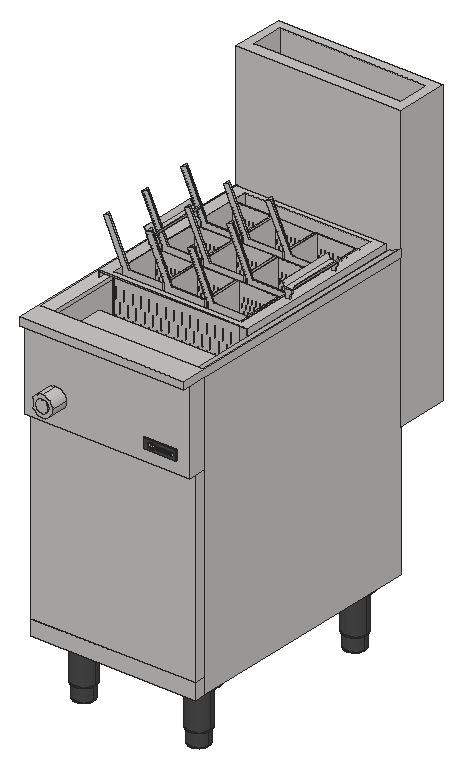
Revit family "RVT_MACOM_CZ71C-AN_AG 12 23 B", category Specialty Equipment, Revit 2020
Family settings
  Round Connector Dimension = Use Diameter
  Part Type = Normal
  OmniClass Number = 23.40.40.14.17.11
  OmniClass Title = Cookers, Ovens, Stoves
  Work Plane-Based = No
  Always vertical = Yes
  Cut with Voids When Loaded = No
  Shared = No
  Room Calculation Point = No
Parameters (values of type "CZC1-AG")
  Width = 400.000 mm
  Weight = 56.00 kg
  Volume = 0.370 mm
  URL = "https://www.acosmacom.com.br/"
  Show Smaller Basket = yes
  Show Logo = yes
  Show Clearances = yes
  Model = "CZC1-AG"
  Show Larger Basket = yes
  Height = 1162.000 mm
  Gas Size = 3/4"
  Gas Pressure = 0.0285 bar
  Gas Input GN = ""
  Gas Input GLP = 41028 Btu/h
  Gas Consumption GN = 0 m³/h
  Gas Consumption GLP = "0,9 Kg/h"
  Gas Connection Height = 71.000 mm
  Manufacturer = "MACOM"
  Default Elevation = 0.000 mm
  Description = "COZEDOR DE MASSAS MACOM"
  Depth = 786.000 mm
  Capacity in Liters Smaller Basket = 1.5 L
  Capacity in Liters Larger Basket = 18.0 L
  Capacity in Liters = 33.0 L
Reference planes
  plane 1 "Center (Front/Back)": y = 0
  plane 2: z = 0
  plane 3 "Center (Left/Right)": x = 0
  plane 4: x = 400
  plane 5: z = 150
  plane 6: y = -786
  plane 7: x = 200
  plane 8: y = -120
  plane 9: y = -121.5
  plane 10: z = 1162
  plane 11: z = 860
  plane 12: y = -770
Forms (mm)
  Extrusion 1, solid, material "QF_Stainless-Polished"
    sketch origin (0, 0, 0) x (0, 1, 0) y (0, 0, 1)
      loop
        line (-726, 188) -> (-751.5, 188) -> (-751.5, 150) -> (-726, 150) -> (-726, 188)
    from 0 to 400
  Extrusion 2, solid, material "QF_Metal_Stainless Steel"
    sketch origin (0, 0, 0) x (0, 1, 0) y (0, 0, 1)
      loop
        line (-786, 860) -> (-786, 842) -> (-128.5, 842) -> (-128.5, 860) -> (-786, 860)
    from 0 to 400
  Extrusion 3, solid, material "QF_Metal_Stainless Steel"
    sketch origin (0, 0, 0) x (0, -1, 0) y (0, 0, 1)
      loop
        line (726, 842) -> (128.5, 842) -> (128.5, 150) -> (726, 150) -> (726, 842)
    from 0 to -400
  Extrusion 4, solid, material "QF_Metal_Stainless Steel"
    sketch origin (0, 0, 0) x (0, -1, 0) y (0, 0, 1)
      loop
        line (751.5, 188) -> (751.5, 642) -> (726, 642) -> (726, 188) -> (751.5, 188)
    from 0 to -400
  Extrusion 5, solid, material "QF_Metal_Stainless Steel"
    sketch origin (0, 0, 0) x (0, -1, 0) y (0, 0, 1)
      loop
        line (726, 842) -> (726, 642) -> (770, 642) -> (770, 842) -> (726, 842)
    from 0 to -400
  Extrusion 6, solid, material "QF_Metal_Stainless Steel"
    sketch origin (0, 0, 0) x (0, -1, 0) y (0, 0, 1)
      loop
        line (128.5, 473) -> (128.5, 1162) -> (0, 1162) -> (0, 473) -> (128.5, 473)
    from 0 to -400
  Extrusion 7, void
    sketch origin (0, 0, 0) x (1, 0, 0) y (0, 0, 1)
      loop
        line (375, 850) -> (397.46, 860) -> (2.54, 860) -> (25, 850) -> (25, 625) -> (375, 625) -> (375, 850)
    from 128.5 to 726
  Extrusion 8, solid, material "QF_Metal_Stainless Steel"
    sketch origin (0, -128.5, 842) x (0, 0, -1) y (-1, 0, 0)
      loop
        circle (621, -320) r 9.525
      loop
        circle (621, -221) r 9.525
      loop
        circle (621, -119) r 9.525
    from 0 to 6.35
  Extrusion 9, solid, material "QF_Metal_Stainless Steel"
    sketch origin (25, 0, 603.702) x (0, 0, 1) y (0, -1, 0)
      loop
        line (190.298, 726) -> (-46.388, 726) -> (-46.388, 578) -> (190.298, 578) -> (190.298, 726)
    from 0 to 350
  Extrusion 10, void
    sketch origin (0, 10.308, 1162) x (1, 0, 0) y (0, -1, 0)
      loop
        line (21, 31.308) -> (379, 31.308) -> (379, 110.808) -> (21, 110.808) -> (21, 31.308)
    from 0 to 467.776
  Extrusion 11, solid, material "QF_Clearences_Door", visible <- "Show Clearances", detail levels coarse
    sketch origin (0, -786, 860) x (0, 1, 0) y (-1, 0, 0)
      loop
        line (34.5, -400) -> (34.5, 0) -> (-365.5, 0)
        arc (-365.5, 0) -> (-248.343, -282.843) -> (34.5, -400) r 400
    from -218 to -672
Cuts and joins
  Extrusion 7 cuts Extrusion 1
  Extrusion 7 cuts Extrusion 2
  Extrusion 7 cuts Extrusion 3
  joined: Extrusion 3, Extrusion 9
  Extrusion 7, Extrusion 10 cuts Extrusion 6
Lines and regions (mm)
  symbolic lines
    curve 1: line (0, 0, 0) -> (400, 0, 0)
    curve 2: line (0, -786, 0) -> (0, 0, 0)
    curve 3: line (400, -786, 0) -> (0, -786, 0)
    curve 4: line (400, 0, 0) -> (400, -786, 0)
    curve 5: line (2.54, -128.5, 0) -> (397.46, -128.5, 0)
    curve 6: line (2.54, -726, 0) -> (2.54, -128.5, 0)
    curve 7: line (397.46, -726, 0) -> (2.54, -726, 0)
    curve 8: line (397.46, -128.5, 0) -> (397.46, -726, 0)
    curve 9: line (375, -128.5, 0) -> (375, -726, 0)
    curve 10: line (397.46, -128.5, 0) -> (400, -128.5, 0)
    curve 11: line (2.54, -128.5, 0) -> (0, -128.5, 0)
    curve 12: line (2.54, -726, 0) -> (0, -726, 0)
    curve 13: line (397.46, -726, 0) -> (400, -726, 0)
    curve 14: line (52.955, -786, 0) -> (52.955, -811.5, 0)
    curve 15: line (52.955, -811.5, 0) -> (59.994, -811.5, 0)
    curve 16: line (59.994, -811.5, 0) -> (59.994, -812.501, 0)
    curve 17: line (59.994, -812.501, 0) -> (89.994, -812.501, 0)
    curve 18: line (89.994, -812.501, 0) -> (89.994, -811.5, 0)
    curve 19: line (89.994, -811.5, 0) -> (99.994, -811.5, 0)
    curve 20: line (99.994, -811.5, 0) -> (99.994, -786, 0)
    curve 21: line (54.992, -786, 0) -> (54.992, -811.5, 0)
    curve 22: line (89.994, -811.5, 0) -> (59.994, -811.5, 0)
    curve 23: line (25, -726, 0) -> (25, -128.5, 0)
    curve 24: line (21, -21, 0) -> (379, -21, 0)
    curve 25: line (21, -100.5, 0) -> (21, -21, 0)
    curve 26: line (379, -100.5, 0) -> (21, -100.5, 0)
    curve 27: line (379, -21, 0) -> (379, -100.5, 0)
Dimensions and locks
  "Depth": plane 6 to plane 1 "Center (Front/Back)"
  "Width": plane 3 "Center (Left/Right)" to plane 4
  level to plane 11 = 860.000 mm
  "Height": level to plane 10
  locked: plane 1 "Center (Front/Back)" to Extrusion 2 sketch curve at 128.5
  locked: Extrusion 2 sketch curve to plane 11 at 18
  locked: plane 1 "Center (Front/Back)" to Extrusion 3 sketch curve at 128.5
  locked: Extrusion 3 sketch curve to plane 6 at 60
  Extrusion 3 to Extrusion 1 sketch curve = 25.500 mm
  level to Extrusion 4 sketch curve = 642.000 mm
  Extrusion 5 sketch curve to plane 6 = 16.000 mm
  locked: plane 10 to Extrusion 6 sketch curve at 689
  locked: Extrusion 7 sketch curve to plane 3 "Center (Left/Right)" at 25
  locked: Extrusion 7 sketch curve to plane 4 at 25
  locked: Extrusion 7 sketch curve to plane 3 "Center (Left/Right)" at 2.54
  locked: plane 4 to Extrusion 7 sketch curve at 2.54
  "Gas Connection Height": cut or joined group of Extrusion 3, Extrusion 7, Extrusion 9 to Extrusion 8 sketch curve  (x3)
  locked: cut or joined group of Extrusion 3, Extrusion 7, Extrusion 9 to Extrusion 8 sketch curve at 80
  locked: cut or joined group of Extrusion 3, Extrusion 7, Extrusion 9 to Extrusion 8 sketch curve at 179
  cut or joined group of Extrusion 3, Extrusion 7, Extrusion 9 to Extrusion 8 sketch curve = 281.000 mm
  locked: Extrusion 9 sketch curve to plane 11 at 66
  locked: cut or joined group of Extrusion 3, Extrusion 7, Extrusion 9 to Extrusion 9 sketch curve at 148
  cut or joined group of Extrusion 6, Extrusion 7, Extrusion 10 to Extrusion 10 sketch curve = 21.000 mm
  Extrusion 10 sketch curve to cut or joined group of Extrusion 6, Extrusion 7, Extrusion 10 = 21.000 mm  (x2)
  Extrusion 10 sketch curve to plane 9 = 21.000 mm
  aligned and locked: level to plane 2
  aligned and locked: plane 4 to Extrusion 2
  aligned and locked: Extrusion 2 to plane 3 "Center (Left/Right)"
  aligned and locked: Extrusion 2 to plane 6
  aligned and locked: Extrusion 3 sketch curve to plane 5
  aligned and locked: Extrusion 3 to Extrusion 1 sketch curve
  aligned and locked: Extrusion 1 sketch curve to plane 5
  aligned and locked: Extrusion 2 to Extrusion 3
  aligned and locked: Extrusion 4 sketch curve to cut or joined group of Extrusion 1, Extrusion 7  (x2)
  aligned and locked: plane 4 to Extrusion 4
  aligned and locked: Extrusion 4 to plane 3 "Center (Left/Right)"
  aligned and locked: Extrusion 3 to Extrusion 4 sketch curve
  aligned and locked: Extrusion 5 sketch curve to Extrusion 4
  aligned and locked: Extrusion 3 to Extrusion 5 sketch curve
  aligned and locked: Extrusion 2 to Extrusion 5 sketch curve
  aligned and locked: plane 12 to nested 3
  aligned and locked: plane 12 to nested 2
  aligned and locked: plane 12 to Extrusion 5
  aligned and locked: plane 4 to Extrusion 5
  aligned and locked: Extrusion 5 to plane 3 "Center (Left/Right)"
  aligned and locked: Extrusion 6 sketch curve to Extrusion 3
  aligned and locked: plane 10 to Extrusion 6 sketch curve
  aligned and locked: plane 1 "Center (Front/Back)" to Extrusion 6 sketch curve
  aligned and locked: plane 4 to Extrusion 6
  aligned and locked: Extrusion 6 to plane 3 "Center (Left/Right)"
  aligned and locked: Extrusion 7 to cut or joined group of Extrusion 2, Extrusion 7
  aligned and locked: Extrusion 7 to Extrusion 4
  aligned and locked: curve 1 to cut or joined group of Extrusion 6, Extrusion 7, Extrusion 10
  aligned and locked: curve 2 to cut or joined group of Extrusion 6, Extrusion 7, Extrusion 10
  aligned and locked: curve 3 to cut or joined group of Extrusion 2, Extrusion 7
  aligned and locked: curve 4 to cut or joined group of Extrusion 2, Extrusion 7
  aligned and locked: curve 5 to cut or joined group of Extrusion 2, Extrusion 7
  aligned and locked: curve 6 to cut or joined group of Extrusion 2, Extrusion 7
  aligned and locked: cut or joined group of Extrusion 1, Extrusion 7 to curve 7
  aligned and locked: curve 8 to cut or joined group of Extrusion 2, Extrusion 7
  aligned and locked: curve 9 to cut or joined group of Extrusion 2, Extrusion 7
  aligned and locked: curve 5 to curve 10
  aligned and locked: curve 7 to curve 12
  aligned and locked: nested 2 to curve 14
  aligned and locked: curve 17 to nested 2
  aligned and locked: curve 15 to nested 2
  aligned and locked: curve 19 to nested 2
  aligned and locked: curve 23 to cut or joined group of Extrusion 2, Extrusion 7
  aligned and locked: Extrusion 9 to cut or joined group of Extrusion 3, Extrusion 7, Extrusion 9
  aligned and locked: cut or joined group of Extrusion 3, Extrusion 7, Extrusion 9 to Extrusion 9
  aligned and locked: Extrusion 9 sketch curve to Extrusion 5
Automatic sketch dimensions
  Extrusion 2 sketch curve to plane 6 = 0.000 mm
  plane 11 to Extrusion 2 sketch curve = 0.000 mm
  Extrusion 3 sketch curve to Extrusion 2 = 0.000 mm
  Extrusion 1 sketch curve to Extrusion 1 sketch curve = 38.000 mm
  Extrusion 3 to Extrusion 4 sketch curve = 25.500 mm
  Extrusion 7 sketch curve to plane 11 = 0.000 mm
  plane 11 to Extrusion 7 sketch curve = 10.000 mm  (x2)
  Extrusion 7 sketch curve to Extrusion 7 sketch curve = 225.000 mm
  Extrusion 7 to Extrusion 9 sketch curve = 67.686 mm
  Extrusion 11 sketch curve to Extrusion 2 = 0.000 mm  (x2)
  Extrusion 11 sketch curve to Extrusion 2 = 34.500 mm
  plane 3 "Center (Left/Right)" to curve 24 = 21.000 mm
  curve 14 to curve 17 = 7.039 mm
  curve 15 to curve 22 = 30.000 mm
  curve 18 to curve 20 = 10.000 mm
  curve 26 to plane 4 = 21.000 mm
  plane 8 to curve 26 = 19.500 mm
  plane 1 "Center (Front/Back)" to curve 24 = 21.000 mm
  curve 14 to curve 21 = 2.037 mm
  radius of Extrusion 8 sketch curve = 9.525 mm  (x3)
Nested families
  nested 1: "CESTO_COZEDOR" at (373.5, -559.5, 674), visible <- "Show Larger Basket", type "CESTO_COZEDOR", detail levels medium+fine
  nested 2: "REGISTRO_AGUA_COZEDOR" at (75, -770, 703.319), type "REGISTRO_AGUA_COZEDOR"
  nested 3: "LOGOTIPO MACON" at (330, -770, 668.692), visible <- "Show Logo", type "LOGOTIPO MACON"
  nested 4: "CESTO_MENOR_COZEDOR" at (95.5, -483.789, 686.789), visible <- "Show Smaller Basket", type "CESTO_MENOR_COZEDOR", detail levels medium+fine
  nested 5: "CESTO_MENOR_COZEDOR" at (198.5, -483.789, 686.789), visible <- "Show Smaller Basket", type "CESTO_MENOR_COZEDOR", detail levels medium+fine
  nested 6: "CESTO_MENOR_COZEDOR" at (301.5, -483.789, 686.789), visible <- "Show Smaller Basket", type "CESTO_MENOR_COZEDOR", detail levels medium+fine
  nested 7: "CESTO_MENOR_COZEDOR" at (95.5, -365.789, 686.789), visible <- "Show Smaller Basket", type "CESTO_MENOR_COZEDOR", detail levels medium+fine
  nested 8: "CESTO_MENOR_COZEDOR" at (198.5, -365.789, 686.789), visible <- "Show Smaller Basket", type "CESTO_MENOR_COZEDOR", detail levels medium+fine
  nested 9: "CESTO_MENOR_COZEDOR" at (301.5, -365.789, 686.789), visible <- "Show Smaller Basket", type "CESTO_MENOR_COZEDOR", detail levels medium+fine
  nested 10: "CESTO_MENOR_COZEDOR" at (95.5, -247.789, 686.789), visible <- "Show Smaller Basket", type "CESTO_MENOR_COZEDOR", detail levels medium+fine
  nested 11: "CESTO_MENOR_COZEDOR" at (198.5, -247.789, 686.789), visible <- "Show Smaller Basket", type "CESTO_MENOR_COZEDOR", detail levels medium+fine
  nested 12: "CESTO_MENOR_COZEDOR" at (301.5, -247.789, 686.789), visible <- "Show Smaller Basket", type "CESTO_MENOR_COZEDOR", detail levels medium+fine
  nested 13: "PE_FORNO" at (60, -667, 0), type "PE_FORNO"
  nested 14: "PE_FORNO" at (340, -667, 0) x (-1, 0, 0) z (0, 0, 1), type "PE_FORNO"
  nested 15: "PE_FORNO" at (60, -192, 0), type "PE_FORNO"
  nested 16: "PE_FORNO" at (340, -192, 0) x (-1, 0, 0) z (0, 0, 1), type "PE_FORNO"
Connectors
  piping at (320, -122.15, 221), diameter 19.05, driven by "Gas Size"
    settings: on Extrusion 8, index 1, connector inside diameter 24", connector length 0.000 mm, flow factor 0, pipe flow 0 m³/h, pressure drop 0.00 bar, fitting loss kfactor 0, connector angle 0.00°, fixture units 0, engagement length 0.000 mm, angle of deflection 0.00°, flow configuration 0, flow direction 2, fitting loss method 0, system type 16, joint type 0, gender type 0, connector reference index -1, connector utility 0, adjustable connector no, is connector primary yes, connector description ""
  piping at (221, -122.15, 221), diameter 19.05
    settings: on Extrusion 8, index 2, connector inside diameter 24", connector length 0.000 mm, flow factor 0, pipe flow 0 m³/h, pressure drop 0.00 bar, fitting loss kfactor 0, connector angle 0.00°, fixture units 0, engagement length 0.000 mm, angle of deflection 0.00°, flow configuration 0, flow direction 1, fitting loss method 0, system type 29, joint type 0, gender type 0, connector reference index -1, connector utility 0, adjustable connector no, is connector primary no, connector description ""
  piping at (119, -122.15, 221), diameter 19.05, driven by "Gas Size"
    settings: on Extrusion 8, index 3, connector inside diameter 24", connector length 0.000 mm, flow factor 0, pipe flow 0 m³/h, pressure drop 0.00 bar, fitting loss kfactor 0, connector angle 0.00°, fixture units 0, engagement length 0.000 mm, angle of deflection 0.00°, flow configuration 0, flow direction 1, fitting loss method 0, system type 7, joint type 0, gender type 0, connector reference index -1, connector utility 0, adjustable connector no, is connector primary no, connector description ""
Definition of nested family "CESTO_COZEDOR"
  Parameters (values of type "CESTO_COZEDOR")
    Default Elevation = 0.000 mm
  Reference planes
    plane 1 "Center (Front/Back)": y = 0
    plane 2: z = 0
    plane 3 "Center (Left/Right)": x = 0
    plane 4: x = -175
    plane 5: y = 400
    plane 6: y = 200
    plane 7: z = 200
    plane 8: z = 198
    plane 9: y = 130
    plane 10: y = 131.5
    plane 11: x = -341
    plane 12: z = -39
  Forms (mm)
    Extrusion 1, solid
      sketch origin (0, 0, 0) x (1, 0, 0) y (0, 1, 0)
        loop
          line (-18.5, 0) -> (-18.5, 400) -> (-328.5, 400) -> (-328.5, 0) -> (-18.5, 0)
        loop
          line (-20, 398.5) -> (-327, 398.5) -> (-327, 1.5) -> (-20, 1.5) -> (-20, 398.5)
      from -39 to 198
    Extrusion 2, solid
      sketch origin (0, 0, -39) x (1, 0, 0) y (0, 0, 1)
        loop
          line (-328.5, 0) -> (-18.5, 0) -> (-18.5, 1.5) -> (-328.5, 1.5) -> (-328.5, 0)
      from -398.5 to -1.5
    Extrusion 3, void
      sketch origin (0, 0, 0) x (1, 0, 0) y (0, 0, 1)
        loop
          line (-320.686, -34.776) -> (-318.686, -34.776) -> (-318.686, -9.776) -> (-320.686, -9.776) -> (-320.686, -34.776)
        loop
          line (-300.686, -34.776) -> (-298.686, -34.776) -> (-298.686, -9.776) -> (-300.686, -9.776) -> (-300.686, -34.776)
        loop
          line (-280.686, -34.776) -> (-278.686, -34.776) -> (-278.686, -9.776) -> (-280.686, -9.776) -> (-280.686, -34.776)
        loop
          line (-260.686, -34.776) -> (-258.686, -34.776) -> (-258.686, -9.776) -> (-260.686, -9.776) -> (-260.686, -34.776)
        loop
          line (-240.686, -34.776) -> (-238.686, -34.776) -> (-238.686, -9.776) -> (-240.686, -9.776) -> (-240.686, -34.776)
        loop
          line (-220.686, -34.776) -> (-218.686, -34.776) -> (-218.686, -9.776) -> (-220.686, -9.776) -> (-220.686, -34.776)
        loop
          line (-200.686, -34.776) -> (-198.686, -34.776) -> (-198.686, -9.776) -> (-200.686, -9.776) -> (-200.686, -34.776)
        loop
          line (-180.686, -34.776) -> (-178.686, -34.776) -> (-178.686, -9.776) -> (-180.686, -9.776) -> (-180.686, -34.776)
        loop
          line (-160.686, -34.776) -> (-158.686, -34.776) -> (-158.686, -9.776) -> (-160.686, -9.776) -> (-160.686, -34.776)
        loop
          line (-140.686, -34.776) -> (-138.686, -34.776) -> (-138.686, -9.776) -> (-140.686, -9.776) -> (-140.686, -34.776)
        loop
          line (-120.686, -34.776) -> (-118.686, -34.776) -> (-118.686, -9.776) -> (-120.686, -9.776) -> (-120.686, -34.776)
        loop
          line (-100.686, -34.776) -> (-98.686, -34.776) -> (-98.686, -9.776) -> (-100.686, -9.776) -> (-100.686, -34.776)
        loop
          line (-80.686, -34.776) -> (-78.686, -34.776) -> (-78.686, -9.776) -> (-80.686, -9.776) -> (-80.686, -34.776)
        loop
          line (-60.686, -34.776) -> (-58.686, -34.776) -> (-58.686, -9.776) -> (-60.686, -9.776) -> (-60.686, -34.776)
        loop
          line (-40.686, -34.776) -> (-38.686, -34.776) -> (-38.686, -9.776) -> (-40.686, -9.776) -> (-40.686, -34.776)
        loop
          line (-309.686, -4.776) -> (-309.686, 20.224) -> (-311.686, 20.224) -> (-311.686, -4.776) -> (-309.686, -4.776)
        loop
          line (-289.686, -4.776) -> (-289.686, 20.224) -> (-291.686, 20.224) -> (-291.686, -4.776) -> (-289.686, -4.776)
        loop
          line (-269.686, -4.776) -> (-269.686, 20.224) -> (-271.686, 20.224) -> (-271.686, -4.776) -> (-269.686, -4.776)
        loop
          line (-249.686, -4.776) -> (-249.686, 20.224) -> (-251.686, 20.224) -> (-251.686, -4.776) -> (-249.686, -4.776)
        loop
          line (-229.686, -4.776) -> (-229.686, 20.224) -> (-231.686, 20.224) -> (-231.686, -4.776) -> (-229.686, -4.776)
        loop
          line (-209.686, -4.776) -> (-209.686, 20.224) -> (-211.686, 20.224) -> (-211.686, -4.776) -> (-209.686, -4.776)
        loop
          line (-189.686, -4.776) -> (-189.686, 20.224) -> (-191.686, 20.224) -> (-191.686, -4.776) -> (-189.686, -4.776)
        loop
          line (-169.686, -4.776) -> (-169.686, 20.224) -> (-171.686, 20.224) -> (-171.686, -4.776) -> (-169.686, -4.776)
        loop
          line (-149.686, -4.776) -> (-149.686, 20.224) -> (-151.686, 20.224) -> (-151.686, -4.776) -> (-149.686, -4.776)
        loop
          line (-129.686, -4.776) -> (-129.686, 20.224) -> (-131.686, 20.224) -> (-131.686, -4.776) -> (-129.686, -4.776)
        loop
          line (-109.686, -4.776) -> (-109.686, 20.224) -> (-111.686, 20.224) -> (-111.686, -4.776) -> (-109.686, -4.776)
        loop
          line (-89.686, -4.776) -> (-89.686, 20.224) -> (-91.686, 20.224) -> (-91.686, -4.776) -> (-89.686, -4.776)
        loop
          line (-69.686, -4.776) -> (-69.686, 20.224) -> (-71.686, 20.224) -> (-71.686, -4.776) -> (-69.686, -4.776)
        loop
          line (-49.686, -4.776) -> (-49.686, 20.224) -> (-51.686, 20.224) -> (-51.686, -4.776) -> (-49.686, -4.776)
        loop
          line (-29.686, -4.776) -> (-29.686, 20.224) -> (-31.686, 20.224) -> (-31.686, -4.776) -> (-29.686, -4.776)
        loop
          line (-320.686, 25.224) -> (-318.686, 25.224) -> (-318.686, 50.224) -> (-320.686, 50.224) -> (-320.686, 25.224)
        loop
          line (-300.686, 25.224) -> (-298.686, 25.224) -> (-298.686, 50.224) -> (-300.686, 50.224) -> (-300.686, 25.224)
        loop
          line (-280.686, 25.224) -> (-278.686, 25.224) -> (-278.686, 50.224) -> (-280.686, 50.224) -> (-280.686, 25.224)
        loop
          line (-260.686, 25.224) -> (-258.686, 25.224) -> (-258.686, 50.224) -> (-260.686, 50.224) -> (-260.686, 25.224)
        loop
          line (-240.686, 25.224) -> (-238.686, 25.224) -> (-238.686, 50.224) -> (-240.686, 50.224) -> (-240.686, 25.224)
        loop
          line (-220.686, 25.224) -> (-218.686, 25.224) -> (-218.686, 50.224) -> (-220.686, 50.224) -> (-220.686, 25.224)
        loop
          line (-200.686, 25.224) -> (-198.686, 25.224) -> (-198.686, 50.224) -> (-200.686, 50.224) -> (-200.686, 25.224)
        loop
          line (-180.686, 25.224) -> (-178.686, 25.224) -> (-178.686, 50.224) -> (-180.686, 50.224) -> (-180.686, 25.224)
        loop
          line (-160.686, 25.224) -> (-158.686, 25.224) -> (-158.686, 50.224) -> (-160.686, 50.224) -> (-160.686, 25.224)
        loop
          line (-140.686, 25.224) -> (-138.686, 25.224) -> (-138.686, 50.224) -> (-140.686, 50.224) -> (-140.686, 25.224)
        loop
          line (-120.686, 25.224) -> (-118.686, 25.224) -> (-118.686, 50.224) -> (-120.686, 50.224) -> (-120.686, 25.224)
        loop
          line (-100.686, 25.224) -> (-98.686, 25.224) -> (-98.686, 50.224) -> (-100.686, 50.224) -> (-100.686, 25.224)
        loop
          line (-80.686, 25.224) -> (-78.686, 25.224) -> (-78.686, 50.224) -> (-80.686, 50.224) -> (-80.686, 25.224)
        loop
          line (-60.686, 25.224) -> (-58.686, 25.224) -> (-58.686, 50.224) -> (-60.686, 50.224) -> (-60.686, 25.224)
        loop
          line (-40.686, 25.224) -> (-38.686, 25.224) -> (-38.686, 50.224) -> (-40.686, 50.224) -> (-40.686, 25.224)
        loop
          line (-309.686, 55.224) -> (-309.686, 80.224) -> (-311.686, 80.224) -> (-311.686, 55.224) -> (-309.686, 55.224)
        loop
          line (-289.686, 55.224) -> (-289.686, 80.224) -> (-291.686, 80.224) -> (-291.686, 55.224) -> (-289.686, 55.224)
        loop
          line (-269.686, 55.224) -> (-269.686, 80.224) -> (-271.686, 80.224) -> (-271.686, 55.224) -> (-269.686, 55.224)
        loop
          line (-249.686, 55.224) -> (-249.686, 80.224) -> (-251.686, 80.224) -> (-251.686, 55.224) -> (-249.686, 55.224)
        loop
          line (-229.686, 55.224) -> (-229.686, 80.224) -> (-231.686, 80.224) -> (-231.686, 55.224) -> (-229.686, 55.224)
        loop
          line (-209.686, 55.224) -> (-209.686, 80.224) -> (-211.686, 80.224) -> (-211.686, 55.224) -> (-209.686, 55.224)
        loop
          line (-189.686, 55.224) -> (-189.686, 80.224) -> (-191.686, 80.224) -> (-191.686, 55.224) -> (-189.686, 55.224)
        loop
          line (-169.686, 55.224) -> (-169.686, 80.224) -> (-171.686, 80.224) -> (-171.686, 55.224) -> (-169.686, 55.224)
        loop
          line (-149.686, 55.224) -> (-149.686, 80.224) -> (-151.686, 80.224) -> (-151.686, 55.224) -> (-149.686, 55.224)
        loop
          line (-129.686, 55.224) -> (-129.686, 80.224) -> (-131.686, 80.224) -> (-131.686, 55.224) -> (-129.686, 55.224)
        loop
          line (-109.686, 55.224) -> (-109.686, 80.224) -> (-111.686, 80.224) -> (-111.686, 55.224) -> (-109.686, 55.224)
        loop
          line (-89.686, 55.224) -> (-89.686, 80.224) -> (-91.686, 80.224) -> (-91.686, 55.224) -> (-89.686, 55.224)
        loop
          line (-69.686, 55.224) -> (-69.686, 80.224) -> (-71.686, 80.224) -> (-71.686, 55.224) -> (-69.686, 55.224)
        loop
          line (-49.686, 55.224) -> (-49.686, 80.224) -> (-51.686, 80.224) -> (-51.686, 55.224) -> (-49.686, 55.224)
        loop
          line (-29.686, 55.224) -> (-29.686, 80.224) -> (-31.686, 80.224) -> (-31.686, 55.224) -> (-29.686, 55.224)
        loop
          line (-320.686, 85.224) -> (-318.686, 85.224) -> (-318.686, 110.224) -> (-320.686, 110.224) -> (-320.686, 85.224)
        loop
          line (-300.686, 85.224) -> (-298.686, 85.224) -> (-298.686, 110.224) -> (-300.686, 110.224) -> (-300.686, 85.224)
        loop
          line (-280.686, 85.224) -> (-278.686, 85.224) -> (-278.686, 110.224) -> (-280.686, 110.224) -> (-280.686, 85.224)
        loop
          line (-260.686, 85.224) -> (-258.686, 85.224) -> (-258.686, 110.224) -> (-260.686, 110.224) -> (-260.686, 85.224)
        loop
          line (-240.686, 85.224) -> (-238.686, 85.224) -> (-238.686, 110.224) -> (-240.686, 110.224) -> (-240.686, 85.224)
        loop
          line (-220.686, 85.224) -> (-218.686, 85.224) -> (-218.686, 110.224) -> (-220.686, 110.224) -> (-220.686, 85.224)
        loop
          line (-200.686, 85.224) -> (-198.686, 85.224) -> (-198.686, 110.224) -> (-200.686, 110.224) -> (-200.686, 85.224)
        loop
          line (-180.686, 85.224) -> (-178.686, 85.224) -> (-178.686, 110.224) -> (-180.686, 110.224) -> (-180.686, 85.224)
        loop
          line (-160.686, 85.224) -> (-158.686, 85.224) -> (-158.686, 110.224) -> (-160.686, 110.224) -> (-160.686, 85.224)
        loop
          line (-140.686, 85.224) -> (-138.686, 85.224) -> (-138.686, 110.224) -> (-140.686, 110.224) -> (-140.686, 85.224)
        loop
          line (-120.686, 85.224) -> (-118.686, 85.224) -> (-118.686, 110.224) -> (-120.686, 110.224) -> (-120.686, 85.224)
        loop
          line (-100.686, 85.224) -> (-98.686, 85.224) -> (-98.686, 110.224) -> (-100.686, 110.224) -> (-100.686, 85.224)
        loop
          line (-80.686, 85.224) -> (-78.686, 85.224) -> (-78.686, 110.224) -> (-80.686, 110.224) -> (-80.686, 85.224)
        loop
          line (-60.686, 85.224) -> (-58.686, 85.224) -> (-58.686, 110.224) -> (-60.686, 110.224) -> (-60.686, 85.224)
        loop
          line (-40.686, 85.224) -> (-38.686, 85.224) -> (-38.686, 110.224) -> (-40.686, 110.224) -> (-40.686, 85.224)
        loop
          line (-309.686, 115.224) -> (-309.686, 140.224) -> (-311.686, 140.224) -> (-311.686, 115.224) -> (-309.686, 115.224)
        loop
          line (-289.686, 115.224) -> (-289.686, 140.224) -> (-291.686, 140.224) -> (-291.686, 115.224) -> (-289.686, 115.224)
        loop
          line (-269.686, 115.224) -> (-269.686, 140.224) -> (-271.686, 140.224) -> (-271.686, 115.224) -> (-269.686, 115.224)
        loop
          line (-249.686, 115.224) -> (-249.686, 140.224) -> (-251.686, 140.224) -> (-251.686, 115.224) -> (-249.686, 115.224)
        loop
          line (-229.686, 115.224) -> (-229.686, 140.224) -> (-231.686, 140.224) -> (-231.686, 115.224) -> (-229.686, 115.224)
        loop
          line (-209.686, 115.224) -> (-209.686, 140.224) -> (-211.686, 140.224) -> (-211.686, 115.224) -> (-209.686, 115.224)
        loop
          line (-189.686, 115.224) -> (-189.686, 140.224) -> (-191.686, 140.224) -> (-191.686, 115.224) -> (-189.686, 115.224)
        loop
          line (-169.686, 115.224) -> (-169.686, 140.224) -> (-171.686, 140.224) -> (-171.686, 115.224) -> (-169.686, 115.224)
        loop
          line (-149.686, 115.224) -> (-149.686, 140.224) -> (-151.686, 140.224) -> (-151.686, 115.224) -> (-149.686, 115.224)
        loop
          line (-129.686, 115.224) -> (-129.686, 140.224) -> (-131.686, 140.224) -> (-131.686, 115.224) -> (-129.686, 115.224)
        loop
          line (-109.686, 115.224) -> (-109.686, 140.224) -> (-111.686, 140.224) -> (-111.686, 115.224) -> (-109.686, 115.224)
        loop
          line (-89.686, 115.224) -> (-89.686, 140.224) -> (-91.686, 140.224) -> (-91.686, 115.224) -> (-89.686, 115.224)
        loop
          line (-69.686, 115.224) -> (-69.686, 140.224) -> (-71.686, 140.224) -> (-71.686, 115.224) -> (-69.686, 115.224)
        loop
          line (-49.686, 115.224) -> (-49.686, 140.224) -> (-51.686, 140.224) -> (-51.686, 115.224) -> (-49.686, 115.224)
        loop
          line (-29.686, 115.224) -> (-29.686, 140.224) -> (-31.686, 140.224) -> (-31.686, 115.224) -> (-29.686, 115.224)
        loop
          line (-320.686, 145.224) -> (-318.686, 145.224) -> (-318.686, 170.224) -> (-320.686, 170.224) -> (-320.686, 145.224)
        loop
          line (-300.686, 145.224) -> (-298.686, 145.224) -> (-298.686, 170.224) -> (-300.686, 170.224) -> (-300.686, 145.224)
        loop
          line (-280.686, 145.224) -> (-278.686, 145.224) -> (-278.686, 170.224) -> (-280.686, 170.224) -> (-280.686, 145.224)
        loop
          line (-260.686, 145.224) -> (-258.686, 145.224) -> (-258.686, 170.224) -> (-260.686, 170.224) -> (-260.686, 145.224)
        loop
          line (-240.686, 145.224) -> (-238.686, 145.224) -> (-238.686, 170.224) -> (-240.686, 170.224) -> (-240.686, 145.224)
        loop
          line (-220.686, 145.224) -> (-218.686, 145.224) -> (-218.686, 170.224) -> (-220.686, 170.224) -> (-220.686, 145.224)
        loop
          line (-200.686, 145.224) -> (-198.686, 145.224) -> (-198.686, 170.224) -> (-200.686, 170.224) -> (-200.686, 145.224)
        loop
          line (-180.686, 145.224) -> (-178.686, 145.224) -> (-178.686, 170.224) -> (-180.686, 170.224) -> (-180.686, 145.224)
        loop
          line (-160.686, 145.224) -> (-158.686, 145.224) -> (-158.686, 170.224) -> (-160.686, 170.224) -> (-160.686, 145.224)
        loop
          line (-140.686, 145.224) -> (-138.686, 145.224) -> (-138.686, 170.224) -> (-140.686, 170.224) -> (-140.686, 145.224)
        loop
          line (-120.686, 145.224) -> (-118.686, 145.224) -> (-118.686, 170.224) -> (-120.686, 170.224) -> (-120.686, 145.224)
        loop
          line (-100.686, 145.224) -> (-98.686, 145.224) -> (-98.686, 170.224) -> (-100.686, 170.224) -> (-100.686, 145.224)
        loop
          line (-80.686, 145.224) -> (-78.686, 145.224) -> (-78.686, 170.224) -> (-80.686, 170.224) -> (-80.686, 145.224)
        loop
          line (-60.686, 145.224) -> (-58.686, 145.224) -> (-58.686, 170.224) -> (-60.686, 170.224) -> (-60.686, 145.224)
        loop
          line (-40.686, 145.224) -> (-38.686, 145.224) -> (-38.686, 170.224) -> (-40.686, 170.224) -> (-40.686, 145.224)
      from -412.733 to 11.151
    Extrusion 4, void
      sketch origin (0, 0, 0) x (0, 1, 0) y (0, 0, 1)
        loop
          line (11.211, -29.509) -> (13.211, -29.509) -> (13.211, -4.509) -> (11.211, -4.509) -> (11.211, -29.509)
        loop
          line (31.211, -29.509) -> (33.211, -29.509) -> (33.211, -4.509) -> (31.211, -4.509) -> (31.211, -29.509)
        loop
          line (51.211, -29.509) -> (53.211, -29.509) -> (53.211, -4.509) -> (51.211, -4.509) -> (51.211, -29.509)
        loop
          line (71.211, -29.509) -> (73.211, -29.509) -> (73.211, -4.509) -> (71.211, -4.509) -> (71.211, -29.509)
        loop
          line (91.211, -29.509) -> (93.211, -29.509) -> (93.211, -4.509) -> (91.211, -4.509) -> (91.211, -29.509)
        loop
          line (111.211, -29.509) -> (113.211, -29.509) -> (113.211, -4.509) -> (111.211, -4.509) -> (111.211, -29.509)
        loop
          line (131.211, -29.509) -> (133.211, -29.509) -> (133.211, -4.509) -> (131.211, -4.509) -> (131.211, -29.509)
        loop
          line (151.211, -29.509) -> (153.211, -29.509) -> (153.211, -4.509) -> (151.211, -4.509) -> (151.211, -29.509)
        loop
          line (171.211, -29.509) -> (173.211, -29.509) -> (173.211, -4.509) -> (171.211, -4.509) -> (171.211, -29.509)
        loop
          line (191.211, -29.509) -> (193.211, -29.509) -> (193.211, -4.509) -> (191.211, -4.509) -> (191.211, -29.509)
        loop
          line (211.211, -29.509) -> (213.211, -29.509) -> (213.211, -4.509) -> (211.211, -4.509) -> (211.211, -29.509)
        loop
          line (231.211, -29.509) -> (233.211, -29.509) -> (233.211, -4.509) -> (231.211, -4.509) -> (231.211, -29.509)
        loop
          line (251.211, -29.509) -> (253.211, -29.509) -> (253.211, -4.509) -> (251.211, -4.509) -> (251.211, -29.509)
        loop
          line (271.211, -29.509) -> (273.211, -29.509) -> (273.211, -4.509) -> (271.211, -4.509) -> (271.211, -29.509)
        loop
          line (291.211, -29.509) -> (293.211, -29.509) -> (293.211, -4.509) -> (291.211, -4.509) -> (291.211, -29.509)
        loop
          line (22.211, 0.491) -> (22.211, 25.491) -> (20.211, 25.491) -> (20.211, 0.491) -> (22.211, 0.491)
        loop
          line (42.211, 0.491) -> (42.211, 25.491) -> (40.211, 25.491) -> (40.211, 0.491) -> (42.211, 0.491)
        loop
          line (62.211, 0.491) -> (62.211, 25.491) -> (60.211, 25.491) -> (60.211, 0.491) -> (62.211, 0.491)
        loop
          line (82.211, 0.491) -> (82.211, 25.491) -> (80.211, 25.491) -> (80.211, 0.491) -> (82.211, 0.491)
        loop
          line (102.211, 0.491) -> (102.211, 25.491) -> (100.211, 25.491) -> (100.211, 0.491) -> (102.211, 0.491)
        loop
          line (122.211, 0.491) -> (122.211, 25.491) -> (120.211, 25.491) -> (120.211, 0.491) -> (122.211, 0.491)
        loop
          line (142.211, 0.491) -> (142.211, 25.491) -> (140.211, 25.491) -> (140.211, 0.491) -> (142.211, 0.491)
        loop
          line (162.211, 0.491) -> (162.211, 25.491) -> (160.211, 25.491) -> (160.211, 0.491) -> (162.211, 0.491)
        loop
          line (182.211, 0.491) -> (182.211, 25.491) -> (180.211, 25.491) -> (180.211, 0.491) -> (182.211, 0.491)
        loop
          line (202.211, 0.491) -> (202.211, 25.491) -> (200.211, 25.491) -> (200.211, 0.491) -> (202.211, 0.491)
        loop
          line (222.211, 0.491) -> (222.211, 25.491) -> (220.211, 25.491) -> (220.211, 0.491) -> (222.211, 0.491)
        loop
          line (242.211, 0.491) -> (242.211, 25.491) -> (240.211, 25.491) -> (240.211, 0.491) -> (242.211, 0.491)
        loop
          line (262.211, 0.491) -> (262.211, 25.491) -> (260.211, 25.491) -> (260.211, 0.491) -> (262.211, 0.491)
        loop
          line (282.211, 0.491) -> (282.211, 25.491) -> (280.211, 25.491) -> (280.211, 0.491) -> (282.211, 0.491)
        loop
          line (302.211, 0.491) -> (302.211, 25.491) -> (300.211, 25.491) -> (300.211, 0.491) -> (302.211, 0.491)
        loop
          line (11.211, 30.491) -> (13.211, 30.491) -> (13.211, 55.491) -> (11.211, 55.491) -> (11.211, 30.491)
        loop
          line (31.211, 30.491) -> (33.211, 30.491) -> (33.211, 55.491) -> (31.211, 55.491) -> (31.211, 30.491)
        loop
          line (51.211, 30.491) -> (53.211, 30.491) -> (53.211, 55.491) -> (51.211, 55.491) -> (51.211, 30.491)
        loop
          line (71.211, 30.491) -> (73.211, 30.491) -> (73.211, 55.491) -> (71.211, 55.491) -> (71.211, 30.491)
        loop
          line (91.211, 30.491) -> (93.211, 30.491) -> (93.211, 55.491) -> (91.211, 55.491) -> (91.211, 30.491)
        loop
          line (111.211, 30.491) -> (113.211, 30.491) -> (113.211, 55.491) -> (111.211, 55.491) -> (111.211, 30.491)
        loop
          line (131.211, 30.491) -> (133.211, 30.491) -> (133.211, 55.491) -> (131.211, 55.491) -> (131.211, 30.491)
        loop
          line (151.211, 30.491) -> (153.211, 30.491) -> (153.211, 55.491) -> (151.211, 55.491) -> (151.211, 30.491)
        loop
          line (171.211, 30.491) -> (173.211, 30.491) -> (173.211, 55.491) -> (171.211, 55.491) -> (171.211, 30.491)
        loop
          line (191.211, 30.491) -> (193.211, 30.491) -> (193.211, 55.491) -> (191.211, 55.491) -> (191.211, 30.491)
        loop
          line (211.211, 30.491) -> (213.211, 30.491) -> (213.211, 55.491) -> (211.211, 55.491) -> (211.211, 30.491)
        loop
          line (231.211, 30.491) -> (233.211, 30.491) -> (233.211, 55.491) -> (231.211, 55.491) -> (231.211, 30.491)
        loop
          line (251.211, 30.491) -> (253.211, 30.491) -> (253.211, 55.491) -> (251.211, 55.491) -> (251.211, 30.491)
        loop
          line (271.211, 30.491) -> (273.211, 30.491) -> (273.211, 55.491) -> (271.211, 55.491) -> (271.211, 30.491)
        loop
          line (291.211, 30.491) -> (293.211, 30.491) -> (293.211, 55.491) -> (291.211, 55.491) -> (291.211, 30.491)
        loop
          line (22.211, 60.491) -> (22.211, 85.491) -> (20.211, 85.491) -> (20.211, 60.491) -> (22.211, 60.491)
        loop
          line (42.211, 60.491) -> (42.211, 85.491) -> (40.211, 85.491) -> (40.211, 60.491) -> (42.211, 60.491)
        loop
          line (62.211, 60.491) -> (62.211, 85.491) -> (60.211, 85.491) -> (60.211, 60.491) -> (62.211, 60.491)
        loop
          line (82.211, 60.491) -> (82.211, 85.491) -> (80.211, 85.491) -> (80.211, 60.491) -> (82.211, 60.491)
        loop
          line (102.211, 60.491) -> (102.211, 85.491) -> (100.211, 85.491) -> (100.211, 60.491) -> (102.211, 60.491)
        loop
          line (122.211, 60.491) -> (122.211, 85.491) -> (120.211, 85.491) -> (120.211, 60.491) -> (122.211, 60.491)
        loop
          line (142.211, 60.491) -> (142.211, 85.491) -> (140.211, 85.491) -> (140.211, 60.491) -> (142.211, 60.491)
        loop
          line (162.211, 60.491) -> (162.211, 85.491) -> (160.211, 85.491) -> (160.211, 60.491) -> (162.211, 60.491)
        loop
          line (182.211, 60.491) -> (182.211, 85.491) -> (180.211, 85.491) -> (180.211, 60.491) -> (182.211, 60.491)
        loop
          line (202.211, 60.491) -> (202.211, 85.491) -> (200.211, 85.491) -> (200.211, 60.491) -> (202.211, 60.491)
        loop
          line (222.211, 60.491) -> (222.211, 85.491) -> (220.211, 85.491) -> (220.211, 60.491) -> (222.211, 60.491)
        loop
          line (242.211, 60.491) -> (242.211, 85.491) -> (240.211, 85.491) -> (240.211, 60.491) -> (242.211, 60.491)
        loop
          line (262.211, 60.491) -> (262.211, 85.491) -> (260.211, 85.491) -> (260.211, 60.491) -> (262.211, 60.491)
        loop
          line (282.211, 60.491) -> (282.211, 85.491) -> (280.211, 85.491) -> (280.211, 60.491) -> (282.211, 60.491)
        loop
          line (302.211, 60.491) -> (302.211, 85.491) -> (300.211, 85.491) -> (300.211, 60.491) -> (302.211, 60.491)
        loop
          line (11.211, 90.491) -> (13.211, 90.491) -> (13.211, 115.491) -> (11.211, 115.491) -> (11.211, 90.491)
        loop
          line (31.211, 90.491) -> (33.211, 90.491) -> (33.211, 115.491) -> (31.211, 115.491) -> (31.211, 90.491)
        loop
          line (51.211, 90.491) -> (53.211, 90.491) -> (53.211, 115.491) -> (51.211, 115.491) -> (51.211, 90.491)
        loop
          line (71.211, 90.491) -> (73.211, 90.491) -> (73.211, 115.491) -> (71.211, 115.491) -> (71.211, 90.491)
        loop
          line (91.211, 90.491) -> (93.211, 90.491) -> (93.211, 115.491) -> (91.211, 115.491) -> (91.211, 90.491)
        loop
          line (111.211, 90.491) -> (113.211, 90.491) -> (113.211, 115.491) -> (111.211, 115.491) -> (111.211, 90.491)
        loop
          line (131.211, 90.491) -> (133.211, 90.491) -> (133.211, 115.491) -> (131.211, 115.491) -> (131.211, 90.491)
        loop
          line (151.211, 90.491) -> (153.211, 90.491) -> (153.211, 115.491) -> (151.211, 115.491) -> (151.211, 90.491)
        loop
          line (171.211, 90.491) -> (173.211, 90.491) -> (173.211, 115.491) -> (171.211, 115.491) -> (171.211, 90.491)
        loop
          line (191.211, 90.491) -> (193.211, 90.491) -> (193.211, 115.491) -> (191.211, 115.491) -> (191.211, 90.491)
        loop
          line (211.211, 90.491) -> (213.211, 90.491) -> (213.211, 115.491) -> (211.211, 115.491) -> (211.211, 90.491)
        loop
          line (231.211, 90.491) -> (233.211, 90.491) -> (233.211, 115.491) -> (231.211, 115.491) -> (231.211, 90.491)
        loop
          line (251.211, 90.491) -> (253.211, 90.491) -> (253.211, 115.491) -> (251.211, 115.491) -> (251.211, 90.491)
        loop
          line (271.211, 90.491) -> (273.211, 90.491) -> (273.211, 115.491) -> (271.211, 115.491) -> (271.211, 90.491)
        loop
          line (291.211, 90.491) -> (293.211, 90.491) -> (293.211, 115.491) -> (291.211, 115.491) -> (291.211, 90.491)
        loop
          line (22.211, 120.491) -> (22.211, 145.491) -> (20.211, 145.491) -> (20.211, 120.491) -> (22.211, 120.491)
        loop
          line (42.211, 120.491) -> (42.211, 145.491) -> (40.211, 145.491) -> (40.211, 120.491) -> (42.211, 120.491)
        loop
          line (62.211, 120.491) -> (62.211, 145.491) -> (60.211, 145.491) -> (60.211, 120.491) -> (62.211, 120.491)
        loop
          line (82.211, 120.491) -> (82.211, 145.491) -> (80.211, 145.491) -> (80.211, 120.491) -> (82.211, 120.491)
        loop
          line (102.211, 120.491) -> (102.211, 145.491) -> (100.211, 145.491) -> (100.211, 120.491) -> (102.211, 120.491)
        loop
          line (122.211, 120.491) -> (122.211, 145.491) -> (120.211, 145.491) -> (120.211, 120.491) -> (122.211, 120.491)
        loop
          line (142.211, 120.491) -> (142.211, 145.491) -> (140.211, 145.491) -> (140.211, 120.491) -> (142.211, 120.491)
        loop
          line (162.211, 120.491) -> (162.211, 145.491) -> (160.211, 145.491) -> (160.211, 120.491) -> (162.211, 120.491)
        loop
          line (182.211, 120.491) -> (182.211, 145.491) -> (180.211, 145.491) -> (180.211, 120.491) -> (182.211, 120.491)
        loop
          line (202.211, 120.491) -> (202.211, 145.491) -> (200.211, 145.491) -> (200.211, 120.491) -> (202.211, 120.491)
        loop
          line (222.211, 120.491) -> (222.211, 145.491) -> (220.211, 145.491) -> (220.211, 120.491) -> (222.211, 120.491)
        loop
          line (242.211, 120.491) -> (242.211, 145.491) -> (240.211, 145.491) -> (240.211, 120.491) -> (242.211, 120.491)
        loop
          line (262.211, 120.491) -> (262.211, 145.491) -> (260.211, 145.491) -> (260.211, 120.491) -> (262.211, 120.491)
        loop
          line (282.211, 120.491) -> (282.211, 145.491) -> (280.211, 145.491) -> (280.211, 120.491) -> (282.211, 120.491)
        loop
          line (302.211, 120.491) -> (302.211, 145.491) -> (300.211, 145.491) -> (300.211, 120.491) -> (302.211, 120.491)
        loop
          line (11.211, 150.491) -> (13.211, 150.491) -> (13.211, 175.491) -> (11.211, 175.491) -> (11.211, 150.491)
        loop
          line (31.211, 150.491) -> (33.211, 150.491) -> (33.211, 175.491) -> (31.211, 175.491) -> (31.211, 150.491)
        loop
          line (51.211, 150.491) -> (53.211, 150.491) -> (53.211, 175.491) -> (51.211, 175.491) -> (51.211, 150.491)
        loop
          line (71.211, 150.491) -> (73.211, 150.491) -> (73.211, 175.491) -> (71.211, 175.491) -> (71.211, 150.491)
        loop
          line (91.211, 150.491) -> (93.211, 150.491) -> (93.211, 175.491) -> (91.211, 175.491) -> (91.211, 150.491)
        loop
          line (111.211, 150.491) -> (113.211, 150.491) -> (113.211, 175.491) -> (111.211, 175.491) -> (111.211, 150.491)
        loop
          line (131.211, 150.491) -> (133.211, 150.491) -> (133.211, 175.491) -> (131.211, 175.491) -> (131.211, 150.491)
        loop
          line (151.211, 150.491) -> (153.211, 150.491) -> (153.211, 175.491) -> (151.211, 175.491) -> (151.211, 150.491)
        loop
          line (171.211, 150.491) -> (173.211, 150.491) -> (173.211, 175.491) -> (171.211, 175.491) -> (171.211, 150.491)
        loop
          line (191.211, 150.491) -> (193.211, 150.491) -> (193.211, 175.491) -> (191.211, 175.491) -> (191.211, 150.491)
        loop
          line (211.211, 150.491) -> (213.211, 150.491) -> (213.211, 175.491) -> (211.211, 175.491) -> (211.211, 150.491)
        loop
          line (231.211, 150.491) -> (233.211, 150.491) -> (233.211, 175.491) -> (231.211, 175.491) -> (231.211, 150.491)
        loop
          line (251.211, 150.491) -> (253.211, 150.491) -> (253.211, 175.491) -> (251.211, 175.491) -> (251.211, 150.491)
        loop
          line (271.211, 150.491) -> (273.211, 150.491) -> (273.211, 175.491) -> (271.211, 175.491) -> (271.211, 150.491)
        loop
          line (291.211, 150.491) -> (293.211, 150.491) -> (293.211, 175.491) -> (291.211, 175.491) -> (291.211, 150.491)
        loop
          line (311.211, -29.509) -> (313.211, -29.509) -> (313.211, -4.509) -> (311.211, -4.509) -> (311.211, -29.509)
        loop
          line (311.211, 30.491) -> (313.211, 30.491) -> (313.211, 55.491) -> (311.211, 55.491) -> (311.211, 30.491)
        loop
          line (311.211, 90.491) -> (313.211, 90.491) -> (313.211, 115.491) -> (311.211, 115.491) -> (311.211, 90.491)
        loop
          line (311.211, 150.491) -> (313.211, 150.491) -> (313.211, 175.491) -> (311.211, 175.491) -> (311.211, 150.491)
        loop
          line (322.211, 0.491) -> (322.211, 25.491) -> (320.211, 25.491) -> (320.211, 0.491) -> (322.211, 0.491)
        loop
          line (322.211, 60.491) -> (322.211, 85.491) -> (320.211, 85.491) -> (320.211, 60.491) -> (322.211, 60.491)
        loop
          line (322.211, 120.491) -> (322.211, 145.491) -> (320.211, 145.491) -> (320.211, 120.491) -> (322.211, 120.491)
        loop
          line (331.211, -29.509) -> (333.211, -29.509) -> (333.211, -4.509) -> (331.211, -4.509) -> (331.211, -29.509)
        loop
          line (331.211, 30.491) -> (333.211, 30.491) -> (333.211, 55.491) -> (331.211, 55.491) -> (331.211, 30.491)
        loop
          line (331.211, 90.491) -> (333.211, 90.491) -> (333.211, 115.491) -> (331.211, 115.491) -> (331.211, 90.491)
        loop
          line (331.211, 150.491) -> (333.211, 150.491) -> (333.211, 175.491) -> (331.211, 175.491) -> (331.211, 150.491)
        loop
          line (342.211, 0.491) -> (342.211, 25.491) -> (340.211, 25.491) -> (340.211, 0.491) -> (342.211, 0.491)
        loop
          line (342.211, 60.491) -> (342.211, 85.491) -> (340.211, 85.491) -> (340.211, 60.491) -> (342.211, 60.491)
        loop
          line (342.211, 120.491) -> (342.211, 145.491) -> (340.211, 145.491) -> (340.211, 120.491) -> (342.211, 120.491)
        loop
          line (351.211, -29.509) -> (353.211, -29.509) -> (353.211, -4.509) -> (351.211, -4.509) -> (351.211, -29.509)
        loop
          line (351.211, 30.491) -> (353.211, 30.491) -> (353.211, 55.491) -> (351.211, 55.491) -> (351.211, 30.491)
        loop
          line (351.211, 90.491) -> (353.211, 90.491) -> (353.211, 115.491) -> (351.211, 115.491) -> (351.211, 90.491)
        loop
          line (351.211, 150.491) -> (353.211, 150.491) -> (353.211, 175.491) -> (351.211, 175.491) -> (351.211, 150.491)
        loop
          line (362.211, 0.491) -> (362.211, 25.491) -> (360.211, 25.491) -> (360.211, 0.491) -> (362.211, 0.491)
        loop
          line (362.211, 60.491) -> (362.211, 85.491) -> (360.211, 85.491) -> (360.211, 60.491) -> (362.211, 60.491)
        loop
          line (362.211, 120.491) -> (362.211, 145.491) -> (360.211, 145.491) -> (360.211, 120.491) -> (362.211, 120.491)
        loop
          line (371.211, -29.509) -> (373.211, -29.509) -> (373.211, -4.509) -> (371.211, -4.509) -> (371.211, -29.509)
        loop
          line (371.211, 30.491) -> (373.211, 30.491) -> (373.211, 55.491) -> (371.211, 55.491) -> (371.211, 30.491)
        loop
          line (371.211, 90.491) -> (373.211, 90.491) -> (373.211, 115.491) -> (371.211, 115.491) -> (371.211, 90.491)
        loop
          line (371.211, 150.491) -> (373.211, 150.491) -> (373.211, 175.491) -> (371.211, 175.491) -> (371.211, 150.491)
        loop
          line (382.211, 0.491) -> (382.211, 25.491) -> (380.211, 25.491) -> (380.211, 0.491) -> (382.211, 0.491)
        loop
          line (382.211, 60.491) -> (382.211, 85.491) -> (380.211, 85.491) -> (380.211, 60.491) -> (382.211, 60.491)
        loop
          line (382.211, 120.491) -> (382.211, 145.491) -> (380.211, 145.491) -> (380.211, 120.491) -> (382.211, 120.491)
      from -358.411 to 13.026
    Extrusion 5, solid
      sketch origin (0, 0, 0) x (1, 0, 0) y (0, 1, 0)
        loop
          line (8, -10) -> (8, 410) -> (-355, 410) -> (-355, -10) -> (8, -10)
        loop
          line (-327, 1.5) -> (-20, 1.5) -> (-20, 398.5) -> (-327, 398.5) -> (-327, 1.5)
      from 200 to 198
    Extrusion 6, solid
      sketch origin (0, 0, 0) x (1, 0, 0) y (0, 0, 1)
        loop
          line (-355, 198) -> (-355, 185) -> (-353, 185) -> (-353, 198) -> (-355, 198)
        loop
          line (8, 198) -> (6, 198) -> (6, 185) -> (8, 185) -> (8, 198)
      from -410 to 10
    Extrusion 7, solid
      sketch origin (0, 0, 0) x (1, 0, 0) y (0, 0, 1)
        loop
          line (-1, 200) -> (-1, 206) -> (3, 212) -> (3, 220) -> (-15, 220) -> (-15, 212) -> (-11, 206) -> (-11, 200) -> (-1, 200)
      from -130 to -131.5
    Extrusion 8, solid
      sketch origin (0, 400, 0) x (1, 0, 0) y (0, 0, -1)
        loop
          line (-1, -200) -> (-11, -200) -> (-11, -206) -> (-15, -212) -> (-15, -220) -> (3, -220) -> (3, -212) -> (-1, -206) -> (-1, -200)
      from -130 to -131.5
    Extrusion 9, solid
      sketch origin (-335, 0, 0) x (1, 0, 0) y (0, 0, 1)
        loop
          line (-1, 200) -> (-1, 206) -> (3, 212) -> (3, 220) -> (-15, 220) -> (-15, 212) -> (-11, 206) -> (-11, 200) -> (-1, 200)
      from -130 to -131.5
    Extrusion 10, solid
      sketch origin (-335, 400, 0) x (1, 0, 0) y (0, 0, -1)
        loop
          line (-1, -200) -> (-11, -200) -> (-11, -206) -> (-15, -212) -> (-15, -220) -> (3, -220) -> (3, -212) -> (-1, -206) -> (-1, -200)
      from -130 to -131.5
    Extrusion 11, solid
      sketch origin (0, 0, 0) x (1, 0, 0) y (0, 0, 1)
        loop
          line (-15, 220) -> (3, 220) -> (3, 221.5) -> (-15, 221.5) -> (-15, 220)
      from -268.5 to -131.5
    Extrusion 12, solid
      sketch origin (-335, 0, 0) x (1, 0, 0) y (0, 0, 1)
        loop
          line (-15, 220) -> (3, 220) -> (3, 221.5) -> (-15, 221.5) -> (-15, 220)
      from -268.5 to -131.5
    Extrusion 13, solid
      sketch origin (0, 0, 0) x (1, 0, 0) y (0, 0, 1)
        loop
          line (-350, 221.5) -> (-356, 231.892) -> (-357.299, 231.142) -> (-351.299, 220.75) -> (-350, 221.5)
      from -268.5 to -131.5
    Extrusion 14, solid
      sketch origin (-682, 0, 0) x (-1, 0, 0) y (0, 0, -1)
        loop
          line (-350, -221.5) -> (-351.299, -220.75) -> (-357.299, -231.142) -> (-356, -231.892) -> (-350, -221.5)
      from -268.5 to -131.5
    Extrusion 15, solid
      sketch origin (335, 0, 0) x (1, 0, 0) y (0, 0, 1)
        loop
          line (-350, 221.5) -> (-356, 231.892) -> (-357.299, 231.142) -> (-351.299, 220.75) -> (-350, 221.5)
      from -268.5 to -131.5
    Extrusion 16, solid
      sketch origin (-347, 0, 0) x (-1, 0, 0) y (0, 0, -1)
        loop
          line (-350, -221.5) -> (-351.299, -220.75) -> (-357.299, -231.142) -> (-356, -231.892) -> (-350, -221.5)
      from -268.5 to -131.5
    Sweep 17, solid
      path in 3D
        loop
          line (-332, 130, 220) -> (-350, 130, 220)
      profile origin (-341, 130, 220) x (0, -1, 0) y (0, 0, 1)
        loop
          arc (0, 0) -> (-0.439, 1.061) -> (-1.5, 1.5) r 1.5
          line (-1.5, 1.5) -> (-1.5, 0) -> (0, 0)
    Sweep 18, solid
      path in 3D
        loop
          line (-350, 268.5, 221.5) -> (-332, 268.5, 221.5)
      profile origin (-341, 268.5, 221.5) x (0, 1, 0) y (0, 0, 1)
        loop
          line (0, 0) -> (0, -1.5) -> (1.5, -1.5)
          arc (1.5, -1.5) -> (1.061, -0.439) -> (0, 0) r 1.5
    Sweep 19, solid
      path in 3D
        loop
          line (-330.701, 131.5, 220.75) -> (-330.701, 268.5, 220.75)
      profile origin (-330.701, 200, 220.75) x (0.5, 0, 0.866025) y (0.866025, 0, -0.5)
        loop
          arc (0, 0) -> (-0.761, -0.182) -> (-1.299, -0.75) r 1.374
          line (-1.299, -0.75) -> (0, -1.5) -> (0, 0)
    Sweep 20, solid
      path in 3D
        loop
          line (-351.299, 131.5, 220.75) -> (-351.299, 268.5, 220.75)
      profile origin (-351.299, 200, 220.75) x (0.866025, 0, 0.5) y (0.5, 0, -0.866025)
        loop
          line (0, 0) -> (1.5, 0) -> (0.75, 1.299)
          arc (0.75, 1.299) -> (0.179, 0.763) -> (0, 0) r 1.355
    Sweep 21, solid
      path in 3D
        loop
          line (4.299, 131.5, 220.75) -> (4.299, 268.5, 220.75)
      profile origin (4.299, 200, 220.75) x (0.5, 0, 0.866025) y (0.866025, 0, -0.5)
        loop
          arc (0, 0) -> (-0.761, -0.182) -> (-1.299, -0.75) r 1.374
          line (-1.299, -0.75) -> (0, -1.5) -> (0, 0)
    Sweep 22, solid
      path in 3D
        loop
          line (-16.299, 131.5, 220.75) -> (-16.299, 268.5, 220.75)
      profile origin (-16.299, 200, 220.75) x (0.866025, 0, 0.5) y (0.5, 0, -0.866025)
        loop
          line (0, 0) -> (1.5, 0) -> (0.75, 1.299)
          arc (0.75, 1.299) -> (0.179, 0.763) -> (0, 0) r 1.355
    Sweep 23, solid
      path in 3D
        loop
          line (3, 130, 220) -> (-15, 130, 220)
      profile origin (-6, 130, 220) x (0, -1, 0) y (0, 0, 1)
        loop
          arc (0, 0) -> (-0.439, 1.061) -> (-1.5, 1.5) r 1.5
          line (-1.5, 1.5) -> (-1.5, 0) -> (0, 0)
    Sweep 24, solid
      path in 3D
        loop
          line (-15, 270, 220) -> (3, 270, 220)
      profile origin (-6, 270, 220) x (0, 1, 0) y (0, 0, 1)
        loop
          arc (0, 0) -> (-0.439, 1.061) -> (-1.5, 1.5) r 1.5
          line (-1.5, 1.5) -> (-1.5, 0) -> (0, 0)
  Cuts and joins
    Extrusion 3, Extrusion 4 cuts Extrusion 1
    joined: Extrusion 1, Extrusion 2, Extrusion 5, Extrusion 6, Extrusion 7, Extrusion 8, Extrusion 9, Extrusion 10, Extrusion 11, Extrusion 12, Extrusion 13, Extrusion 14, Extrusion 15, Extrusion 16, Sweep 17, Sweep 18, Sweep 19, Sweep 20, Sweep 21, Sweep 22, Sweep 23, Sweep 24
  Lines and regions (mm)
    sketch lines
      curve 1: line (-332, 130, 220) -> (-350, 130, 220)
      curve 2: line (-350, 268.5, 221.5) -> (-332, 268.5, 221.5)
      curve 3: line (-330.701, 131.5, 220.75) -> (-330.701, 268.5, 220.75)
      curve 4: line (-351.299, 131.5, 220.75) -> (-351.299, 268.5, 220.75)
      curve 5: line (4.299, 131.5, 220.75) -> (4.299, 268.5, 220.75)
      curve 6: line (-16.299, 131.5, 220.75) -> (-16.299, 268.5, 220.75)
      curve 7: line (3, 130, 220) -> (-15, 130, 220)
      curve 8: line (-15, 270, 220) -> (3, 270, 220)
  Dimensions and locks
    aligned and locked: level to plane 2
Definition of nested family "REGISTRO_AGUA_COZEDOR"
  Parameters (values of type "REGISTRO_AGUA_COZEDOR")
    Default Elevation = 0.000 mm
  Reference planes
    plane 1 "Center (Front/Back)": y = 0
    plane 2: z = 0
    plane 3 "Center (Left/Right)": x = 0
    plane 4: y = -41.5
  Forms (mm)
    Extrusion 1, solid
      sketch origin (0, 0, 0) x (1, 0, 0) y (0, 0, 1)
        loop
          arc (-22.045, -11.79) -> (-12.85, -21.445) -> (0, -25) r 25
          arc (0, -25) -> (17.678, -17.678) -> (25, 0) r 25
          arc (25, 0) -> (17.678, 17.678) -> (0, 25) r 25
          arc (0, 25) -> (-12.85, 21.445) -> (-22.045, 11.79) r 25
          arc (-22.045, 11.79) -> (-20, 0) -> (-22.045, -11.79) r 35
      from 0 to 41.5
    Extrusion 2, solid
      sketch origin (0, 0, 0) x (1, 0, 0) y (0, 0, 1)
        loop
          circle (0, 0) r 15
      from 41.5 to 42.501
  Cuts and joins
    joined: Extrusion 1, Extrusion 2
  Dimensions and locks
    aligned and locked: level to plane 2
Definition of nested family "LOGOTIPO MACON"
  Parameters (values of type "LOGOTIPO MACON")
    Default Elevation = 0.000 mm
  Reference planes
    plane 1 "Centro (Frente/Trás)": y = 0
    plane 2: z = 0
    plane 3 "Centro (Esquerda/Direita)": x = 0
  Forms (mm)
    Extrusion 1, solid
      sketch origin (0, 4.488, 0.011) x (1, 0, 0) y (0, 0.000061, 1)
        loop
          arc (-37.5, 25.9) -> (-39.268, 25.168) -> (-40, 23.4) r 2.5
          line (-40, 23.4) -> (-40, 2.5)
          arc (-40, 2.5) -> (-39.268, 0.732) -> (-37.5, 0) r 2.5
          line (-37.5, 0) -> (37.5, 0)
          arc (37.5, 0) -> (39.268, 0.732) -> (40, 2.5) r 2.5
          line (40, 2.5) -> (40, 23.4)
          arc (40, 23.4) -> (39.268, 25.168) -> (37.5, 25.9) r 2.5
          line (37.5, 25.9) -> (-37.5, 25.9)
      from 5.474 to 4.489
    Extrusion 2, solid
      sketch origin (0, 4.488, 0.011) x (1, 0, 0) y (0, 0.000061, 1)
        loop
          arc (-39, 3.5) -> (-38.268, 1.732) -> (-36.5, 1) r 2.5
          line (-36.5, 1) -> (36.5, 1)
          arc (36.5, 1) -> (38.268, 1.732) -> (39, 3.5) r 2.5
          line (39, 3.5) -> (39, 22.668)
          arc (39, 22.668) -> (38.268, 24.436) -> (36.5, 25.168) r 2.5
          line (36.5, 25.168) -> (-36.5, 25.168)
          arc (-36.5, 25.168) -> (-38.268, 24.436) -> (-39, 22.668) r 2.5
          line (-39, 22.668) -> (-39, 3.5)
      from 5.474 to 6.289
    Extrusion 3, solid
      sketch origin (24.652, 4.488, 0.011) x (-1, 0, 0) y (0, -0.000061, -1)
        loop
          line (11.282, -9.291) -> (11.282, -10.615)
          arc (11.282, -10.615) -> (15.871, -12.733) -> (11.146, -14.527) r 2.741
          line (11.146, -14.527) -> (11.146, -15.974)
          arc (11.146, -15.974) -> (17.58, -12.762) -> (11.282, -9.291) r 4.061
        loop
          circle (6.809, -12.319) r 3.69
        loop
          circle (6.809, -12.319) r 2.22
        loop
          line (32.238, -16.286) -> (32.238, -9.175) -> (30.639, -9.175) -> (30.639, -14.32)
          arc (30.639, -14.32) -> (30.147, -14.812) -> (29.656, -14.32) r 0.492
          line (29.656, -14.32) -> (29.656, -9.175) -> (28.069, -9.175) -> (28.069, -14.32)
          arc (28.069, -14.32) -> (27.53, -14.859) -> (26.99, -14.32) r 0.539
          line (26.99, -14.32) -> (26.99, -9.175) -> (25.446, -9.175) -> (25.446, -14.741)
          arc (25.446, -14.741) -> (25.898, -15.834) -> (26.99, -16.286) r 1.545
          line (26.99, -16.286) -> (32.238, -16.286)
        loop
          line (23.94, -9.173) -> (22.031, -9.173) -> (22.031, -11.199) -> (20.21, -11.199) -> (20.21, -9.173) -> (18.544, -9.173) -> (18.544, -14.832)
          arc (18.544, -14.832) -> (18.942, -15.792) -> (19.902, -16.189) r 1.358
          line (19.902, -16.189) -> (23.94, -16.189) -> (23.94, -9.173)
        loop
          line (20.21, -12.773) -> (20.21, -14.531) -> (22.031, -14.531) -> (22.031, -12.773) -> (20.21, -12.773)
        loop
          line (1.892, -16.286) -> (1.892, -9.175) -> (0.292, -9.175) -> (0.292, -14.32)
          arc (0.292, -14.32) -> (-0.199, -14.812) -> (-0.691, -14.32) r 0.492
          line (-0.691, -14.32) -> (-0.691, -9.175) -> (-2.278, -9.175) -> (-2.278, -14.32)
          arc (-2.278, -14.32) -> (-2.817, -14.859) -> (-3.356, -14.32) r 0.539
          line (-3.356, -14.32) -> (-3.356, -9.175) -> (-4.901, -9.175) -> (-4.901, -14.741)
          arc (-4.901, -14.741) -> (-4.449, -15.834) -> (-3.356, -16.286) r 1.545
          line (-3.356, -16.286) -> (1.892, -16.286)
